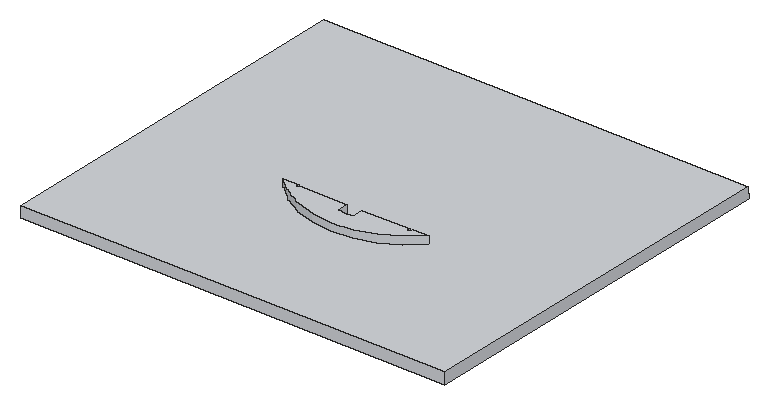
Revit family "Base_ByFace", category Обобщенные модели, Revit 2021
Family settings
  Основа = Грань
  Может служить основой для арматурных стержней = Нет
  Размер круглого соединителя = Использовать диаметр
  Тип детали = Нормальный
  При загрузке вырезать с полостями = Нет
  Общий = Нет
  Точка принадлежности помещению = Нет
Parameters (values of type "Base200")
  Default Elevation = 1219.2 mm
Reference planes
  plane 1 "По центру (Вперед/Назад)": y = 0
  plane 2: z = 0
  plane 3 "По центру (Влево/Вправо)": x = 0
Forms (mm)
  Extrusion 1, solid
    sketch origin (0, 0, 0) x (1, 0, 0) y (0, 1, 0)
      loop
        line (-5800, 4300) -> (-5800, -5936.473) -> (5672.862, -5936.473) -> (5672.862, 4300) -> (-5800, 4300)
    from 0 to -304.8
  Sweep 2, solid
    path origin (0, 0, 0) x (0, 1, 0) y (0, 0, 1)
      loop
        line (0, 0) -> (0, 205)
    profile origin (0, 0, 102.5) x (0, -1, 0) y (1, 0, 0)
      loop
        arc (1850.953, -1965.7) -> (2700, 0) -> (1850.953, 1965.7) r 2700
        line (1850.953, 1965.7) -> (1863.426, 1549.906) -> (1908.828, 1551.268) -> (1911.814, 1451.729) -> (1866.412, 1450.367) -> (1903.923, 200) -> (2171.5, 200) -> (2201.5, 0) -> (2171.5, -200) -> (1903.923, -200) -> (1866.412, -1450.367) -> (1911.814, -1451.729) -> (1908.828, -1551.268) -> (1863.426, -1549.906) -> (1850.953, -1965.7)
Dimensions and locks
  aligned and locked: Extrusion 1 to plane 2
  aligned and locked: Extrusion 1 to level
